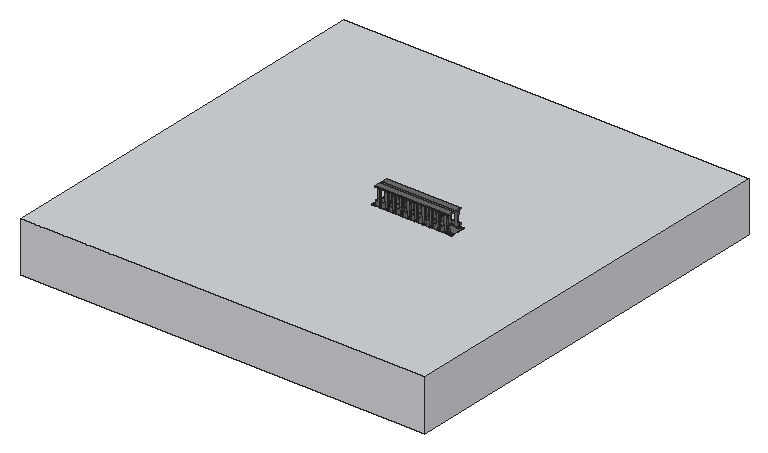
Revit family
Parameters (values of type "RS3-RWM-2")
  Weight = 1.00 lbf
  U/M = "EA"
  U Space = "2"
  System = "Racks, Cable Mgt & RouteIT"
  Serial Number = "RS3-RWM-2"
  Segment = "CSS"
  Ports = "0"
  Model = "RACK"
  Metal = none
  Manufacturer = "SIEMON"
  Loaded/Empty = "N/A"
  Item Group = "RACKS"
  Item Class = "1D"
  Description = "RS3 RACK MOUNT CABLE MANAGER  W/ COVER,BLACK,SINGLE SIDED,2RMS"
  Default Elevation = 4' - 0"
  Color = "Black"
Reference planes (in)
  plane 1 "Center (Front/Back)": y = 0
  plane 2: z = 0
  plane 3 "Center (Left/Right)": x = 0
Forms (in)
  Extrusion 1, solid
    sketch origin (0, 0, 0) x (1, 0, 0) y (0, 1, 0)
      loop
        line (-48, 48) -> (-48, -48) -> (48, -48) -> (48, 48) -> (-48, 48)
    from 0 to -12
Dimensions and locks (in)
  aligned and locked: plane 2 to Extrusion 1
  aligned and locked: level to Extrusion 1
Nested families (in)
  nested 1: "RS3-RWM-2[1]" at (9.7303, 0.80951, -1.64475) x (0, -1, 0) z (0, 0, 1), type "RS3-RWM-2[1]"
Definition of nested family "RS3-RWM-2[1]"
  Parameters (values of type "RS3-RWM-2[1]")
    Width = 0.48
    Weight = "1 kgs (2.1 lbs)"
    UL Rating = "UL 1863"
    U Space / Capacity = "2U"
    Text1 = Symbol
    Text = Text
    Part Number = "RS3-RWM-2"
    Material = Aluminum w/plastic fingers
    Manufacturer contact info/website = "www.siemon.com"
    Manufacturer = "Siemon"
    Height = 0.089
    Description = "Horizontal Cable Manager"
    Depth = 0.102
    Clearance = "89mm (3.5 in.) Front"
  Reference planes (in)
    plane 1: z = 1.68007
    plane 2: y = 0
    plane 3: y = 0
    plane 4: y = -1.42359
    plane 5: y = -1.42359
    plane 6: z = 1.73226
    plane 7: y = -0.55019
    plane 8: x = 2.33069
  Forms (in)
    Extrusion 1, solid, material "Aluminum w/plastic fingers" <- "Material"
      sketch origin (4.04837, -1.63546, 2.87634) x (0, 0, -1) y (-1, 0, 0)
        loop
          line (-2.97482, 3.4739) -> (-2.97482, 2.03729)
          arc (-2.97482, 2.03729) -> (-2.9726, 2.01256) -> (-2.96603, 1.98862) r 0.13916
          line (-2.96603, 1.98862) -> (-2.87816, 1.75327)
          arc (-2.87816, 1.75327) -> (-2.87522, 1.73695) -> (-2.87816, 1.72063) r 0.04667
          line (-2.87816, 1.72063) -> (-2.96603, 1.48528)
          arc (-2.96603, 1.48528) -> (-2.9726, 1.46134) -> (-2.97482, 1.43661) r 0.13916
          line (-2.97482, 1.43661) -> (-2.97482, 0) -> (-2.8747, 0) -> (-2.8747, 1.42648)
          arc (-2.8747, 1.42648) -> (-2.87319, 1.44339) -> (-2.86869, 1.45976) r 0.09514
          line (-2.86869, 1.45976) -> (-2.78338, 1.68828)
          arc (-2.78338, 1.68828) -> (-2.77459, 1.73695) -> (-2.78338, 1.78562) r 0.13916
          line (-2.78338, 1.78562) -> (-2.86872, 2.01421)
          arc (-2.86872, 2.01421) -> (-2.87319, 2.03051) -> (-2.8747, 2.04735) r 0.09477
          line (-2.8747, 2.04735) -> (-2.8747, 3.4739) -> (-2.97482, 3.4739)
      from -7.67199 to 9.84252
    Blend 2, solid, material "Aluminum w/plastic fingers" <- "Material"
      base sketch origin (18.86995, 5.37241, 1.70688) x (0, 1, 0) y (0.999657, 0, 0.026177)
        loop
          arc (-7.07514, -18.16629) -> (-6.796, -17.88715) -> (-6.51686, -18.16629) r 0.27914
          line (-6.51686, -18.16629) -> (-5.32317, -18.16629)
          arc (-5.32317, -18.16629) -> (-5.04403, -17.88715) -> (-4.76489, -18.16629) r 0.27914
          line (-4.76489, -18.16629) -> (-3.57121, -18.16629)
          arc (-3.57121, -18.16629) -> (-3.29206, -17.88715) -> (-3.01292, -18.16629) r 0.27914
          line (-3.01292, -18.16629) -> (-1.81924, -18.16629)
          arc (-1.81924, -18.16629) -> (-1.5401, -17.88715) -> (-1.26095, -18.16629) r 0.27914
          line (-1.26095, -18.16629) -> (-0.06727, -18.16629)
          arc (-0.06727, -18.16629) -> (0.21187, -17.88715) -> (0.49102, -18.16629) r 0.27914
          line (0.49102, -18.16629) -> (1.6847, -18.16629)
          arc (1.6847, -18.16629) -> (1.96384, -17.88715) -> (2.24298, -18.16629) r 0.27914
          line (2.24298, -18.16629) -> (2.83983, -18.16629) -> (2.83983, -18.07653) -> (2.32166, -18.07653)
          arc (2.32166, -18.07653) -> (1.96384, -17.79739) -> (1.60602, -18.07653) r 0.36891
          line (1.60602, -18.07653) -> (0.56969, -18.07653)
          arc (0.56969, -18.07653) -> (0.21187, -17.79739) -> (-0.14595, -18.07653) r 0.36891
          line (-0.14595, -18.07653) -> (-1.18228, -18.07653)
          arc (-1.18228, -18.07653) -> (-1.5401, -17.79739) -> (-1.89791, -18.07653) r 0.36891
          line (-1.89791, -18.07653) -> (-2.93424, -18.07653)
          arc (-2.93424, -18.07653) -> (-3.29206, -17.79739) -> (-3.64988, -18.07653) r 0.36891
          line (-3.64988, -18.07653) -> (-4.68621, -18.07653)
          arc (-4.68621, -18.07653) -> (-5.04403, -17.79739) -> (-5.40185, -18.07653) r 0.36891
          line (-5.40185, -18.07653) -> (-6.43818, -18.07653)
          arc (-6.43818, -18.07653) -> (-6.796, -17.79739) -> (-7.15382, -18.07653) r 0.36891
          line (-7.15382, -18.07653) -> (-8.19015, -18.07653)
          arc (-8.19015, -18.07653) -> (-8.54797, -17.79739) -> (-8.90579, -18.07653) r 0.36891
          line (-8.90579, -18.07653) -> (-9.94212, -18.07653)
          arc (-9.94212, -18.07653) -> (-10.29994, -17.79739) -> (-10.65776, -18.07653) r 0.36891
          line (-10.65776, -18.07653) -> (-11.69409, -18.07653)
          arc (-11.69409, -18.07653) -> (-12.05191, -17.79739) -> (-12.40973, -18.07653) r 0.36891
          line (-12.40973, -18.07653) -> (-13.44606, -18.07653)
          arc (-13.44606, -18.07653) -> (-13.80387, -17.79739) -> (-14.16169, -18.07653) r 0.36891
          line (-14.16169, -18.07653) -> (-14.67986, -18.07653) -> (-14.67986, -18.16629) -> (-14.08302, -18.16629)
          arc (-14.08302, -18.16629) -> (-13.80387, -17.88715) -> (-13.52473, -18.16629) r 0.27914
          line (-13.52473, -18.16629) -> (-12.33105, -18.16629)
          arc (-12.33105, -18.16629) -> (-12.05191, -17.88715) -> (-11.77276, -18.16629) r 0.27914
          line (-11.77276, -18.16629) -> (-10.57908, -18.16629)
          arc (-10.57908, -18.16629) -> (-10.29994, -17.88715) -> (-10.0208, -18.16629) r 0.27914
          line (-10.0208, -18.16629) -> (-8.82711, -18.16629)
          arc (-8.82711, -18.16629) -> (-8.54797, -17.88715) -> (-8.26883, -18.16629) r 0.27914
          line (-8.26883, -18.16629) -> (-7.07514, -18.16629)
      top sketch origin (18.86995, 5.37241, 1.70688) x (0, 1, 0) y (0.999657, 0, 0.026177)
        loop
          arc (-7.00762, -18.16629) -> (-6.796, -17.95468) -> (-6.58439, -18.16629) r 0.21161
          line (-6.58439, -18.16629) -> (-5.25565, -18.16629)
          arc (-5.25565, -18.16629) -> (-5.04403, -17.95468) -> (-4.83242, -18.16629) r 0.21161
          line (-4.83242, -18.16629) -> (-3.50368, -18.16629)
          arc (-3.50368, -18.16629) -> (-3.29206, -17.95468) -> (-3.08045, -18.16629) r 0.21161
          line (-3.08045, -18.16629) -> (-1.75171, -18.16629)
          arc (-1.75171, -18.16629) -> (-1.5401, -17.95468) -> (-1.32848, -18.16629) r 0.21161
          line (-1.32848, -18.16629) -> (0.00026, -18.16629)
          arc (0.00026, -18.16629) -> (0.21187, -17.95468) -> (0.42349, -18.16629) r 0.21161
          line (0.42349, -18.16629) -> (1.75223, -18.16629)
          arc (1.75223, -18.16629) -> (1.96384, -17.95468) -> (2.17546, -18.16629) r 0.21161
          line (2.17546, -18.16629) -> (2.83983, -18.16629) -> (2.83983, -18.07653) -> (2.32166, -18.07653)
          arc (2.32166, -18.07653) -> (1.96384, -17.79739) -> (1.60602, -18.07653) r 0.36891
          line (1.60602, -18.07653) -> (0.56969, -18.07653)
          arc (0.56969, -18.07653) -> (0.21187, -17.79739) -> (-0.14595, -18.07653) r 0.36891
          line (-0.14595, -18.07653) -> (-1.18228, -18.07653)
          arc (-1.18228, -18.07653) -> (-1.5401, -17.79739) -> (-1.89791, -18.07653) r 0.36891
          line (-1.89791, -18.07653) -> (-2.93424, -18.07653)
          arc (-2.93424, -18.07653) -> (-3.29206, -17.79739) -> (-3.64988, -18.07653) r 0.36891
          line (-3.64988, -18.07653) -> (-4.68621, -18.07653)
          arc (-4.68621, -18.07653) -> (-5.04403, -17.79739) -> (-5.40185, -18.07653) r 0.36891
          line (-5.40185, -18.07653) -> (-6.43818, -18.07653)
          arc (-6.43818, -18.07653) -> (-6.796, -17.79739) -> (-7.15382, -18.07653) r 0.36891
          line (-7.15382, -18.07653) -> (-8.19015, -18.07653)
          arc (-8.19015, -18.07653) -> (-8.54797, -17.79739) -> (-8.90579, -18.07653) r 0.36891
          line (-8.90579, -18.07653) -> (-9.94212, -18.07653)
          arc (-9.94212, -18.07653) -> (-10.29994, -17.79739) -> (-10.65776, -18.07653) r 0.36891
          line (-10.65776, -18.07653) -> (-11.69409, -18.07653)
          arc (-11.69409, -18.07653) -> (-12.05191, -17.79739) -> (-12.40973, -18.07653) r 0.36891
          line (-12.40973, -18.07653) -> (-13.44606, -18.07653)
          arc (-13.44606, -18.07653) -> (-13.80387, -17.79739) -> (-14.16169, -18.07653) r 0.36891
          line (-14.16169, -18.07653) -> (-14.67986, -18.07653) -> (-14.67986, -18.16629) -> (-14.01549, -18.16629)
          arc (-14.01549, -18.16629) -> (-13.80387, -17.95468) -> (-13.59226, -18.16629) r 0.21161
          line (-13.59226, -18.16629) -> (-12.26352, -18.16629)
          arc (-12.26352, -18.16629) -> (-12.05191, -17.95468) -> (-11.84029, -18.16629) r 0.21161
          line (-11.84029, -18.16629) -> (-10.51155, -18.16629)
          arc (-10.51155, -18.16629) -> (-10.29994, -17.95468) -> (-10.08832, -18.16629) r 0.21161
          line (-10.08832, -18.16629) -> (-8.75958, -18.16629)
          arc (-8.75958, -18.16629) -> (-8.54797, -17.95468) -> (-8.33636, -18.16629) r 0.21161
          line (-8.33636, -18.16629) -> (-7.00762, -18.16629)
      from -4.05861 to -0.36437
    Extrusion 3, void
      sketch origin (4.04837, -1.63546, 2.87634) x (0, 1, 0) y (0, 0, -1)
        loop
          line (5.83343, 0.11685) -> (5.83343, -2.32449)
          arc (5.83343, -2.32449) -> (5.86226, -2.39409) -> (5.93186, -2.42291) r 0.09843
          line (5.93186, -2.42291) -> (6.74738, -2.42291)
          arc (6.74738, -2.42291) -> (6.81698, -2.39409) -> (6.84581, -2.32449) r 0.09843
          line (6.84581, -2.32449) -> (6.84581, 0.11685)
          arc (6.84581, 0.11685) -> (6.81698, 0.18645) -> (6.74738, 0.21528) r 0.09843
          line (6.74738, 0.21528) -> (5.93186, 0.21528)
          arc (5.93186, 0.21528) -> (5.86226, 0.18645) -> (5.83343, 0.11685) r 0.09843
      from 2.95632 to 3.49886
    Extrusion 4, void
      sketch origin (4.04837, -3.38691, 2.87634) x (0, 1, 0) y (0, 0, -1)
        loop
          line (5.83343, 0.11685) -> (5.83343, -2.32449)
          arc (5.83343, -2.32449) -> (5.86226, -2.39409) -> (5.93186, -2.42291) r 0.09843
          line (5.93186, -2.42291) -> (6.74738, -2.42291)
          arc (6.74738, -2.42291) -> (6.81698, -2.39409) -> (6.84581, -2.32449) r 0.09843
          line (6.84581, -2.32449) -> (6.84581, 0.11685)
          arc (6.84581, 0.11685) -> (6.81698, 0.18645) -> (6.74738, 0.21528) r 0.09843
          line (6.74738, 0.21528) -> (5.93186, 0.21528)
          arc (5.93186, 0.21528) -> (5.86226, 0.18645) -> (5.83343, 0.11685) r 0.09843
      from 2.95632 to 3.49886
    Extrusion 5, void
      sketch origin (4.04837, -5.13836, 2.87634) x (0, 1, 0) y (0, 0, -1)
        loop
          line (5.83343, 0.11685) -> (5.83343, -2.32449)
          arc (5.83343, -2.32449) -> (5.86226, -2.39409) -> (5.93186, -2.42291) r 0.09843
          line (5.93186, -2.42291) -> (6.74738, -2.42291)
          arc (6.74738, -2.42291) -> (6.81698, -2.39409) -> (6.84581, -2.32449) r 0.09843
          line (6.84581, -2.32449) -> (6.84581, 0.11685)
          arc (6.84581, 0.11685) -> (6.81698, 0.18645) -> (6.74738, 0.21528) r 0.09843
          line (6.74738, 0.21528) -> (5.93186, 0.21528)
          arc (5.93186, 0.21528) -> (5.86226, 0.18645) -> (5.83343, 0.11685) r 0.09843
      from 2.95632 to 3.49886
    Extrusion 6, void
      sketch origin (4.04837, -6.88981, 2.87634) x (0, 1, 0) y (0, 0, -1)
        loop
          line (5.83343, 0.11685) -> (5.83343, -2.32449)
          arc (5.83343, -2.32449) -> (5.86226, -2.39409) -> (5.93186, -2.42291) r 0.09843
          line (5.93186, -2.42291) -> (6.74738, -2.42291)
          arc (6.74738, -2.42291) -> (6.81698, -2.39409) -> (6.84581, -2.32449) r 0.09843
          line (6.84581, -2.32449) -> (6.84581, 0.11685)
          arc (6.84581, 0.11685) -> (6.81698, 0.18645) -> (6.74738, 0.21528) r 0.09843
          line (6.74738, 0.21528) -> (5.93186, 0.21528)
          arc (5.93186, 0.21528) -> (5.86226, 0.18645) -> (5.83343, 0.11685) r 0.09843
      from 2.95632 to 3.49886
    Extrusion 7, void
      sketch origin (4.04837, -8.64126, 2.87634) x (0, 1, 0) y (0, 0, -1)
        loop
          line (5.83343, 0.11685) -> (5.83343, -2.32449)
          arc (5.83343, -2.32449) -> (5.86226, -2.39409) -> (5.93186, -2.42291) r 0.09843
          line (5.93186, -2.42291) -> (6.74738, -2.42291)
          arc (6.74738, -2.42291) -> (6.81698, -2.39409) -> (6.84581, -2.32449) r 0.09843
          line (6.84581, -2.32449) -> (6.84581, 0.11685)
          arc (6.84581, 0.11685) -> (6.81698, 0.18645) -> (6.74738, 0.21528) r 0.09843
          line (6.74738, 0.21528) -> (5.93186, 0.21528)
          arc (5.93186, 0.21528) -> (5.86226, 0.18645) -> (5.83343, 0.11685) r 0.09843
      from 2.95632 to 3.49886
    Extrusion 8, void
      sketch origin (4.04837, -10.39271, 2.87634) x (0, 1, 0) y (0, 0, -1)
        loop
          line (5.83343, 0.11685) -> (5.83343, -2.32449)
          arc (5.83343, -2.32449) -> (5.86226, -2.39409) -> (5.93186, -2.42291) r 0.09843
          line (5.93186, -2.42291) -> (6.74738, -2.42291)
          arc (6.74738, -2.42291) -> (6.81698, -2.39409) -> (6.84581, -2.32449) r 0.09843
          line (6.84581, -2.32449) -> (6.84581, 0.11685)
          arc (6.84581, 0.11685) -> (6.81698, 0.18645) -> (6.74738, 0.21528) r 0.09843
          line (6.74738, 0.21528) -> (5.93186, 0.21528)
          arc (5.93186, 0.21528) -> (5.86226, 0.18645) -> (5.83343, 0.11685) r 0.09843
      from 2.95632 to 3.49886
    Extrusion 9, void
      sketch origin (4.04837, -12.14416, 2.87634) x (0, 1, 0) y (0, 0, -1)
        loop
          line (5.83343, 0.11685) -> (5.83343, -2.32449)
          arc (5.83343, -2.32449) -> (5.86226, -2.39409) -> (5.93186, -2.42291) r 0.09843
          line (5.93186, -2.42291) -> (6.74738, -2.42291)
          arc (6.74738, -2.42291) -> (6.81698, -2.39409) -> (6.84581, -2.32449) r 0.09843
          line (6.84581, -2.32449) -> (6.84581, 0.11685)
          arc (6.84581, 0.11685) -> (6.81698, 0.18645) -> (6.74738, 0.21528) r 0.09843
          line (6.74738, 0.21528) -> (5.93186, 0.21528)
          arc (5.93186, 0.21528) -> (5.86226, 0.18645) -> (5.83343, 0.11685) r 0.09843
      from 2.95632 to 3.49886
    Extrusion 10, void
      sketch origin (4.04837, -13.89561, 2.87634) x (0, 1, 0) y (0, 0, -1)
        loop
          line (5.83343, 0.11685) -> (5.83343, -2.32449)
          arc (5.83343, -2.32449) -> (5.86226, -2.39409) -> (5.93186, -2.42291) r 0.09843
          line (5.93186, -2.42291) -> (6.74738, -2.42291)
          arc (6.74738, -2.42291) -> (6.81698, -2.39409) -> (6.84581, -2.32449) r 0.09843
          line (6.84581, -2.32449) -> (6.84581, 0.11685)
          arc (6.84581, 0.11685) -> (6.81698, 0.18645) -> (6.74738, 0.21528) r 0.09843
          line (6.74738, 0.21528) -> (5.93186, 0.21528)
          arc (5.93186, 0.21528) -> (5.86226, 0.18645) -> (5.83343, 0.11685) r 0.09843
      from 2.95632 to 3.49886
    Extrusion 11, void
      sketch origin (4.04837, -15.64707, 2.87634) x (0, 1, 0) y (0, 0, -1)
        loop
          line (5.83343, 0.11685) -> (5.83343, -2.32449)
          arc (5.83343, -2.32449) -> (5.86226, -2.39409) -> (5.93186, -2.42291) r 0.09843
          line (5.93186, -2.42291) -> (6.74738, -2.42291)
          arc (6.74738, -2.42291) -> (6.81698, -2.39409) -> (6.84581, -2.32449) r 0.09843
          line (6.84581, -2.32449) -> (6.84581, 0.11685)
          arc (6.84581, 0.11685) -> (6.81698, 0.18645) -> (6.74738, 0.21528) r 0.09843
          line (6.74738, 0.21528) -> (5.93186, 0.21528)
          arc (5.93186, 0.21528) -> (5.86226, 0.18645) -> (5.83343, 0.11685) r 0.09843
      from 2.95632 to 3.49886
    Extrusion 12, void
      sketch origin (4.04837, 0.11599, 2.87634) x (0, 1, 0) y (0, 0, -1)
        loop
          line (5.83343, 0.11685) -> (5.83343, -2.32449)
          arc (5.83343, -2.32449) -> (5.86226, -2.39409) -> (5.93186, -2.42291) r 0.09843
          line (5.93186, -2.42291) -> (6.74738, -2.42291)
          arc (6.74738, -2.42291) -> (6.81698, -2.39409) -> (6.84581, -2.32449) r 0.09843
          line (6.84581, -2.32449) -> (6.84581, 0.11685)
          arc (6.84581, 0.11685) -> (6.81698, 0.18645) -> (6.74738, 0.21528) r 0.09843
          line (6.74738, 0.21528) -> (5.93186, 0.21528)
          arc (5.93186, 0.21528) -> (5.86226, 0.18645) -> (5.83343, 0.11685) r 0.09843
      from 2.95632 to 3.49886
    Extrusion 13, void
      sketch origin (4.04837, 1.86744, 2.87634) x (0, 1, 0) y (0, 0, -1)
        loop
          line (5.83343, 0.11685) -> (5.83343, -2.32449)
          arc (5.83343, -2.32449) -> (5.86226, -2.39409) -> (5.93186, -2.42291) r 0.09843
          line (5.93186, -2.42291) -> (6.74738, -2.42291)
          arc (6.74738, -2.42291) -> (6.81698, -2.39409) -> (6.84581, -2.32449) r 0.09843
          line (6.84581, -2.32449) -> (6.84581, 0.11685)
          arc (6.84581, 0.11685) -> (6.81698, 0.18645) -> (6.74738, 0.21528) r 0.09843
          line (6.74738, 0.21528) -> (5.93186, 0.21528)
          arc (5.93186, 0.21528) -> (5.86226, 0.18645) -> (5.83343, 0.11685) r 0.09843
      from 2.95632 to 3.49886
    Extrusion 14, solid, material "Aluminum w/plastic fingers" <- "Material"
      sketch origin (6.66087, -1.63546, 4.81993) x (-0.026177, 0, -0.999657) y (-0.999657, 0, 0.026177)
        loop
          line (3.2793, 5.87932) -> (3.25623, 4.99864) -> (3.35631, 4.99601) -> (3.3778, 5.81666)
          arc (3.3778, 5.81666) -> (3.36133, 5.85958) -> (3.31933, 5.87828) r 0.06007
          line (3.31933, 5.87828) -> (3.2793, 5.87932)
      from -7.67199 to 9.8477
    Extrusion 15, solid, material "Aluminum w/plastic fingers"
      sketch origin (6.57704, -1.63546, 4.97495) x (0, 0, -1) y (-1, 0, 0)
        loop
          line (3.07142, 5.7045) -> (3.06421, 5.42929)
          arc (3.06421, 5.42929) -> (3.10807, 5.38307) -> (3.15428, 5.42693) r 0.04505
          line (3.15428, 5.42693) -> (3.16283, 5.7532)
          arc (3.16283, 5.7532) -> (3.17508, 5.78072) -> (3.20321, 5.79152) r 0.03937
          line (3.20321, 5.79152) -> (3.24743, 5.79036)
          arc (3.24743, 5.79036) -> (3.26807, 5.78117) -> (3.27617, 5.76007) r 0.02953
          line (3.27617, 5.76007) -> (3.2793, 5.87932) -> (2.98607, 5.887) -> (2.98371, 5.79693)
          arc (2.98371, 5.79693) -> (3.04671, 5.76888) -> (3.07142, 5.7045) r 0.0901
      from -7.67199 to 9.84252
    Extrusion 16, solid, material "Aluminum w/plastic fingers" <- "Material"
      sketch origin (4.23077, -1.63546, 2.6267) x (0, 1, 0) y (-0.989177, 0, 0.146726)
        loop
          arc (-6.03864, 2.74928) -> (-6.05018, 2.72145) -> (-6.07801, 2.70991) r 0.03937
          line (-6.07801, 2.70991) -> (-5.76305, 2.70991)
          arc (-5.76305, 2.70991) -> (-5.79089, 2.72145) -> (-5.80242, 2.74928) r 0.03937
          line (-5.80242, 2.74928) -> (-5.80242, 2.94613) -> (-6.03864, 2.94613) -> (-6.03864, 2.74928)
      from -1.44308 to -1.34325
    Extrusion 17, solid, material "Aluminum w/plastic fingers" <- "Material"
      sketch origin (4.23077, 1.86744, 2.6267) x (0, 1, 0) y (-0.989177, 0, 0.146726)
        loop
          arc (-6.03864, 2.74928) -> (-6.05018, 2.72145) -> (-6.07801, 2.70991) r 0.03937
          line (-6.07801, 2.70991) -> (-5.76305, 2.70991)
          arc (-5.76305, 2.70991) -> (-5.79089, 2.72145) -> (-5.80242, 2.74928) r 0.03937
          line (-5.80242, 2.74928) -> (-5.80242, 2.94613) -> (-6.03864, 2.94613) -> (-6.03864, 2.74928)
      from -1.44308 to -1.34325
    Extrusion 18, solid, material "Aluminum w/plastic fingers" <- "Material"
      sketch origin (4.23077, 8.87324, 2.6267) x (0, 1, 0) y (-0.989177, 0, 0.146726)
        loop
          arc (-6.03864, 2.74928) -> (-6.05018, 2.72145) -> (-6.07801, 2.70991) r 0.03937
          line (-6.07801, 2.70991) -> (-5.76305, 2.70991)
          arc (-5.76305, 2.70991) -> (-5.79089, 2.72145) -> (-5.80242, 2.74928) r 0.03937
          line (-5.80242, 2.74928) -> (-5.80242, 2.94613) -> (-6.03864, 2.94613) -> (-6.03864, 2.74928)
      from -1.44308 to -1.34325
    Extrusion 19, solid, material "Aluminum w/plastic fingers" <- "Material"
      sketch origin (4.04837, -14.43074, 2.87634) x (0, 0, -1) y (-1, 0, 0)
        loop
          arc (0.95931, 2.66043) -> (1.00317, 2.61421) -> (1.04949, 2.65807) r 0.04505
          line (1.04949, 2.65807) -> (1.05567, 2.89826)
          arc (1.05567, 2.89826) -> (1.00946, 2.8544) -> (0.9656, 2.90061) r 0.04505
          line (0.9656, 2.90061) -> (0.95931, 2.66043)
      from 5.69577 to 8.05734
    Extrusion 20, solid, material "Aluminum w/plastic fingers" <- "Material"
      sketch origin (4.04837, -3.79204, 2.87634) x (0, 0, -1) y (-1, 0, 0)
        loop
          arc (0.95931, 2.66043) -> (1.00317, 2.61421) -> (1.04949, 2.65807) r 0.04505
          line (1.04949, 2.65807) -> (1.05567, 2.89826)
          arc (1.05567, 2.89826) -> (1.00946, 2.8544) -> (0.9656, 2.90061) r 0.04505
          line (0.9656, 2.90061) -> (0.95931, 2.66043)
      from 0.31142 to 4.42444
    Blend 21, solid, material "Aluminum w/plastic fingers" <- "Material"
      base sketch origin (-14.23773, 5.37241, 1.70688) x (0, 1, 0) y (0.999657, 0, -0.026177)
        loop
          line (-7.07514, 18.16629) -> (-8.26883, 18.16629)
          arc (-8.26883, 18.16629) -> (-8.54797, 17.88715) -> (-8.82711, 18.16629) r 0.27914
          line (-8.82711, 18.16629) -> (-10.0208, 18.16629)
          arc (-10.0208, 18.16629) -> (-10.29994, 17.88715) -> (-10.57908, 18.16629) r 0.27914
          line (-10.57908, 18.16629) -> (-11.77276, 18.16629)
          arc (-11.77276, 18.16629) -> (-12.05191, 17.88715) -> (-12.33105, 18.16629) r 0.27914
          line (-12.33105, 18.16629) -> (-13.52473, 18.16629)
          arc (-13.52473, 18.16629) -> (-13.80387, 17.88715) -> (-14.08302, 18.16629) r 0.27914
          line (-14.08302, 18.16629) -> (-14.67986, 18.16629) -> (-14.67986, 18.07653) -> (-14.16169, 18.07653)
          arc (-14.16169, 18.07653) -> (-13.80387, 17.79739) -> (-13.44606, 18.07653) r 0.36891
          line (-13.44606, 18.07653) -> (-12.40973, 18.07653)
          arc (-12.40973, 18.07653) -> (-12.05191, 17.79739) -> (-11.69409, 18.07653) r 0.36891
          line (-11.69409, 18.07653) -> (-10.65776, 18.07653)
          arc (-10.65776, 18.07653) -> (-10.29994, 17.79739) -> (-9.94212, 18.07653) r 0.36891
          line (-9.94212, 18.07653) -> (-8.90579, 18.07653)
          arc (-8.90579, 18.07653) -> (-8.54797, 17.79739) -> (-8.19015, 18.07653) r 0.36891
          line (-8.19015, 18.07653) -> (-7.15382, 18.07653)
          arc (-7.15382, 18.07653) -> (-6.796, 17.79739) -> (-6.43818, 18.07653) r 0.36891
          line (-6.43818, 18.07653) -> (-5.40185, 18.07653)
          arc (-5.40185, 18.07653) -> (-5.04403, 17.79739) -> (-4.68621, 18.07653) r 0.36891
          line (-4.68621, 18.07653) -> (-3.64988, 18.07653)
          arc (-3.64988, 18.07653) -> (-3.29206, 17.79739) -> (-2.93424, 18.07653) r 0.36891
          line (-2.93424, 18.07653) -> (-1.89791, 18.07653)
          arc (-1.89791, 18.07653) -> (-1.5401, 17.79739) -> (-1.18228, 18.07653) r 0.36891
          line (-1.18228, 18.07653) -> (-0.14595, 18.07653)
          arc (-0.14595, 18.07653) -> (0.21187, 17.79739) -> (0.56969, 18.07653) r 0.36891
          line (0.56969, 18.07653) -> (1.60602, 18.07653)
          arc (1.60602, 18.07653) -> (1.96384, 17.79739) -> (2.32166, 18.07653) r 0.36891
          line (2.32166, 18.07653) -> (2.83983, 18.07653) -> (2.83983, 18.16629) -> (2.24298, 18.16629)
          arc (2.24298, 18.16629) -> (1.96384, 17.88715) -> (1.6847, 18.16629) r 0.27914
          line (1.6847, 18.16629) -> (0.49102, 18.16629)
          arc (0.49102, 18.16629) -> (0.21187, 17.88715) -> (-0.06727, 18.16629) r 0.27914
          line (-0.06727, 18.16629) -> (-1.26095, 18.16629)
          arc (-1.26095, 18.16629) -> (-1.5401, 17.88715) -> (-1.81924, 18.16629) r 0.27914
          line (-1.81924, 18.16629) -> (-3.01292, 18.16629)
          arc (-3.01292, 18.16629) -> (-3.29206, 17.88715) -> (-3.57121, 18.16629) r 0.27914
          line (-3.57121, 18.16629) -> (-4.76489, 18.16629)
          arc (-4.76489, 18.16629) -> (-5.04403, 17.88715) -> (-5.32317, 18.16629) r 0.27914
          line (-5.32317, 18.16629) -> (-6.51686, 18.16629)
          arc (-6.51686, 18.16629) -> (-6.796, 17.88715) -> (-7.07514, 18.16629) r 0.27914
      top sketch origin (-14.23773, 5.37241, 1.70688) x (0, 1, 0) y (0.999657, 0, -0.026177)
        loop
          line (-7.00762, 18.16629) -> (-8.33636, 18.16629)
          arc (-8.33636, 18.16629) -> (-8.54797, 17.95468) -> (-8.75958, 18.16629) r 0.21161
          line (-8.75958, 18.16629) -> (-10.08832, 18.16629)
          arc (-10.08832, 18.16629) -> (-10.29994, 17.95468) -> (-10.51155, 18.16629) r 0.21161
          line (-10.51155, 18.16629) -> (-11.84029, 18.16629)
          arc (-11.84029, 18.16629) -> (-12.05191, 17.95468) -> (-12.26352, 18.16629) r 0.21161
          line (-12.26352, 18.16629) -> (-13.59226, 18.16629)
          arc (-13.59226, 18.16629) -> (-13.80387, 17.95468) -> (-14.01549, 18.16629) r 0.21161
          line (-14.01549, 18.16629) -> (-14.67986, 18.16629) -> (-14.67986, 18.07653) -> (-14.16169, 18.07653)
          arc (-14.16169, 18.07653) -> (-13.80387, 17.79739) -> (-13.44606, 18.07653) r 0.36891
          line (-13.44606, 18.07653) -> (-12.40973, 18.07653)
          arc (-12.40973, 18.07653) -> (-12.05191, 17.79739) -> (-11.69409, 18.07653) r 0.36891
          line (-11.69409, 18.07653) -> (-10.65776, 18.07653)
          arc (-10.65776, 18.07653) -> (-10.29994, 17.79739) -> (-9.94212, 18.07653) r 0.36891
          line (-9.94212, 18.07653) -> (-8.90579, 18.07653)
          arc (-8.90579, 18.07653) -> (-8.54797, 17.79739) -> (-8.19015, 18.07653) r 0.36891
          line (-8.19015, 18.07653) -> (-7.15382, 18.07653)
          arc (-7.15382, 18.07653) -> (-6.796, 17.79739) -> (-6.43818, 18.07653) r 0.36891
          line (-6.43818, 18.07653) -> (-5.40185, 18.07653)
          arc (-5.40185, 18.07653) -> (-5.04403, 17.79739) -> (-4.68621, 18.07653) r 0.36891
          line (-4.68621, 18.07653) -> (-3.64988, 18.07653)
          arc (-3.64988, 18.07653) -> (-3.29206, 17.79739) -> (-2.93424, 18.07653) r 0.36891
          line (-2.93424, 18.07653) -> (-1.89791, 18.07653)
          arc (-1.89791, 18.07653) -> (-1.5401, 17.79739) -> (-1.18228, 18.07653) r 0.36891
          line (-1.18228, 18.07653) -> (-0.14595, 18.07653)
          arc (-0.14595, 18.07653) -> (0.21187, 17.79739) -> (0.56969, 18.07653) r 0.36891
          line (0.56969, 18.07653) -> (1.60602, 18.07653)
          arc (1.60602, 18.07653) -> (1.96384, 17.79739) -> (2.32166, 18.07653) r 0.36891
          line (2.32166, 18.07653) -> (2.83983, 18.07653) -> (2.83983, 18.16629) -> (2.17546, 18.16629)
          arc (2.17546, 18.16629) -> (1.96384, 17.95468) -> (1.75223, 18.16629) r 0.21161
          line (1.75223, 18.16629) -> (0.42349, 18.16629)
          arc (0.42349, 18.16629) -> (0.21187, 17.95468) -> (0.00026, 18.16629) r 0.21161
          line (0.00026, 18.16629) -> (-1.32848, 18.16629)
          arc (-1.32848, 18.16629) -> (-1.5401, 17.95468) -> (-1.75171, 18.16629) r 0.21161
          line (-1.75171, 18.16629) -> (-3.08045, 18.16629)
          arc (-3.08045, 18.16629) -> (-3.29206, 17.95468) -> (-3.50368, 18.16629) r 0.21161
          line (-3.50368, 18.16629) -> (-4.83242, 18.16629)
          arc (-4.83242, 18.16629) -> (-5.04403, 17.95468) -> (-5.25565, 18.16629) r 0.21161
          line (-5.25565, 18.16629) -> (-6.58439, 18.16629)
          arc (-6.58439, 18.16629) -> (-6.796, 17.95468) -> (-7.00762, 18.16629) r 0.21161
      from -4.05861 to -0.36437
    Extrusion 22, solid, material "Aluminum w/plastic fingers"
      sketch origin (-1.94483, -1.63546, 4.97495) x (0, 0, -1) y (-1, 0, 0)
        loop
          arc (3.07142, -5.7045) -> (3.04671, -5.76888) -> (2.98371, -5.79693) r 0.0901
          line (2.98371, -5.79693) -> (2.98607, -5.887) -> (3.2793, -5.87932) -> (3.27617, -5.76007)
          arc (3.27617, -5.76007) -> (3.26807, -5.78117) -> (3.24743, -5.79036) r 0.02953
          line (3.24743, -5.79036) -> (3.20321, -5.79152)
          arc (3.20321, -5.79152) -> (3.17508, -5.78072) -> (3.16283, -5.7532) r 0.03937
          line (3.16283, -5.7532) -> (3.15428, -5.42693)
          arc (3.15428, -5.42693) -> (3.10807, -5.38307) -> (3.06421, -5.42929) r 0.04505
          line (3.06421, -5.42929) -> (3.07142, -5.7045)
      from -7.67199 to 9.84252
    Extrusion 23, void
      sketch origin (0.74486, -1.63546, 3.07645) x (0, 1, 0) y (0, 0, 1)
        loop
          arc (5.83343, -0.11685) -> (5.86226, -0.18645) -> (5.93186, -0.21528) r 0.09843
          line (5.93186, -0.21528) -> (6.74738, -0.21528)
          arc (6.74738, -0.21528) -> (6.81698, -0.18645) -> (6.84581, -0.11685) r 0.09843
          line (6.84581, -0.11685) -> (6.84581, 2.32449)
          arc (6.84581, 2.32449) -> (6.81698, 2.39409) -> (6.74738, 2.42291) r 0.09843
          line (6.74738, 2.42291) -> (5.93186, 2.42291)
          arc (5.93186, 2.42291) -> (5.86226, 2.39409) -> (5.83343, 2.32449) r 0.09843
          line (5.83343, 2.32449) -> (5.83343, -0.11685)
      from 2.95632 to 3.49886
    Extrusion 24, void
      sketch origin (0.74486, -3.38691, 3.07645) x (0, 1, 0) y (0, 0, 1)
        loop
          arc (5.83343, -0.11685) -> (5.86226, -0.18645) -> (5.93186, -0.21528) r 0.09843
          line (5.93186, -0.21528) -> (6.74738, -0.21528)
          arc (6.74738, -0.21528) -> (6.81698, -0.18645) -> (6.84581, -0.11685) r 0.09843
          line (6.84581, -0.11685) -> (6.84581, 2.32449)
          arc (6.84581, 2.32449) -> (6.81698, 2.39409) -> (6.74738, 2.42291) r 0.09843
          line (6.74738, 2.42291) -> (5.93186, 2.42291)
          arc (5.93186, 2.42291) -> (5.86226, 2.39409) -> (5.83343, 2.32449) r 0.09843
          line (5.83343, 2.32449) -> (5.83343, -0.11685)
      from 2.95632 to 3.49886
    Extrusion 25, void
      sketch origin (0.74486, -5.13836, 3.07645) x (0, 1, 0) y (0, 0, 1)
        loop
          arc (5.83343, -0.11685) -> (5.86226, -0.18645) -> (5.93186, -0.21528) r 0.09843
          line (5.93186, -0.21528) -> (6.74738, -0.21528)
          arc (6.74738, -0.21528) -> (6.81698, -0.18645) -> (6.84581, -0.11685) r 0.09843
          line (6.84581, -0.11685) -> (6.84581, 2.32449)
          arc (6.84581, 2.32449) -> (6.81698, 2.39409) -> (6.74738, 2.42291) r 0.09843
          line (6.74738, 2.42291) -> (5.93186, 2.42291)
          arc (5.93186, 2.42291) -> (5.86226, 2.39409) -> (5.83343, 2.32449) r 0.09843
          line (5.83343, 2.32449) -> (5.83343, -0.11685)
      from 2.95632 to 3.49886
    Extrusion 26, void
      sketch origin (0.74486, -6.88981, 3.07645) x (0, 1, 0) y (0, 0, 1)
        loop
          arc (5.83343, -0.11685) -> (5.86226, -0.18645) -> (5.93186, -0.21528) r 0.09843
          line (5.93186, -0.21528) -> (6.74738, -0.21528)
          arc (6.74738, -0.21528) -> (6.81698, -0.18645) -> (6.84581, -0.11685) r 0.09843
          line (6.84581, -0.11685) -> (6.84581, 2.32449)
          arc (6.84581, 2.32449) -> (6.81698, 2.39409) -> (6.74738, 2.42291) r 0.09843
          line (6.74738, 2.42291) -> (5.93186, 2.42291)
          arc (5.93186, 2.42291) -> (5.86226, 2.39409) -> (5.83343, 2.32449) r 0.09843
          line (5.83343, 2.32449) -> (5.83343, -0.11685)
      from 2.95632 to 3.49886
    Extrusion 27, void
      sketch origin (0.74486, -8.64126, 3.07645) x (0, 1, 0) y (0, 0, 1)
        loop
          arc (5.83343, -0.11685) -> (5.86226, -0.18645) -> (5.93186, -0.21528) r 0.09843
          line (5.93186, -0.21528) -> (6.74738, -0.21528)
          arc (6.74738, -0.21528) -> (6.81698, -0.18645) -> (6.84581, -0.11685) r 0.09843
          line (6.84581, -0.11685) -> (6.84581, 2.32449)
          arc (6.84581, 2.32449) -> (6.81698, 2.39409) -> (6.74738, 2.42291) r 0.09843
          line (6.74738, 2.42291) -> (5.93186, 2.42291)
          arc (5.93186, 2.42291) -> (5.86226, 2.39409) -> (5.83343, 2.32449) r 0.09843
          line (5.83343, 2.32449) -> (5.83343, -0.11685)
      from 2.95632 to 3.49886
    Extrusion 28, void
      sketch origin (0.74486, -10.39271, 3.07645) x (0, 1, 0) y (0, 0, 1)
        loop
          arc (5.83343, -0.11685) -> (5.86226, -0.18645) -> (5.93186, -0.21528) r 0.09843
          line (5.93186, -0.21528) -> (6.74738, -0.21528)
          arc (6.74738, -0.21528) -> (6.81698, -0.18645) -> (6.84581, -0.11685) r 0.09843
          line (6.84581, -0.11685) -> (6.84581, 2.32449)
          arc (6.84581, 2.32449) -> (6.81698, 2.39409) -> (6.74738, 2.42291) r 0.09843
          line (6.74738, 2.42291) -> (5.93186, 2.42291)
          arc (5.93186, 2.42291) -> (5.86226, 2.39409) -> (5.83343, 2.32449) r 0.09843
          line (5.83343, 2.32449) -> (5.83343, -0.11685)
      from 2.95632 to 3.49886
    Extrusion 29, void
      sketch origin (0.74486, -12.14416, 3.07645) x (0, 1, 0) y (0, 0, 1)
        loop
          arc (5.83343, -0.11685) -> (5.86226, -0.18645) -> (5.93186, -0.21528) r 0.09843
          line (5.93186, -0.21528) -> (6.74738, -0.21528)
          arc (6.74738, -0.21528) -> (6.81698, -0.18645) -> (6.84581, -0.11685) r 0.09843
          line (6.84581, -0.11685) -> (6.84581, 2.32449)
          arc (6.84581, 2.32449) -> (6.81698, 2.39409) -> (6.74738, 2.42291) r 0.09843
          line (6.74738, 2.42291) -> (5.93186, 2.42291)
          arc (5.93186, 2.42291) -> (5.86226, 2.39409) -> (5.83343, 2.32449) r 0.09843
          line (5.83343, 2.32449) -> (5.83343, -0.11685)
      from 2.95632 to 3.49886
    Extrusion 30, void
      sketch origin (0.74486, -13.89561, 3.07645) x (0, 1, 0) y (0, 0, 1)
        loop
          arc (5.83343, -0.11685) -> (5.86226, -0.18645) -> (5.93186, -0.21528) r 0.09843
          line (5.93186, -0.21528) -> (6.74738, -0.21528)
          arc (6.74738, -0.21528) -> (6.81698, -0.18645) -> (6.84581, -0.11685) r 0.09843
          line (6.84581, -0.11685) -> (6.84581, 2.32449)
          arc (6.84581, 2.32449) -> (6.81698, 2.39409) -> (6.74738, 2.42291) r 0.09843
          line (6.74738, 2.42291) -> (5.93186, 2.42291)
          arc (5.93186, 2.42291) -> (5.86226, 2.39409) -> (5.83343, 2.32449) r 0.09843
          line (5.83343, 2.32449) -> (5.83343, -0.11685)
      from 2.95632 to 3.49886
    Extrusion 31, void
      sketch origin (0.74486, -15.64707, 3.07645) x (0, 1, 0) y (0, 0, 1)
        loop
          arc (5.83343, -0.11685) -> (5.86226, -0.18645) -> (5.93186, -0.21528) r 0.09843
          line (5.93186, -0.21528) -> (6.74738, -0.21528)
          arc (6.74738, -0.21528) -> (6.81698, -0.18645) -> (6.84581, -0.11685) r 0.09843
          line (6.84581, -0.11685) -> (6.84581, 2.32449)
          arc (6.84581, 2.32449) -> (6.81698, 2.39409) -> (6.74738, 2.42291) r 0.09843
          line (6.74738, 2.42291) -> (5.93186, 2.42291)
          arc (5.93186, 2.42291) -> (5.86226, 2.39409) -> (5.83343, 2.32449) r 0.09843
          line (5.83343, 2.32449) -> (5.83343, -0.11685)
      from 2.95632 to 3.49886
    Extrusion 32, void
      sketch origin (0.74486, 0.11599, 3.07645) x (0, 1, 0) y (0, 0, 1)
        loop
          arc (5.83343, -0.11685) -> (5.86226, -0.18645) -> (5.93186, -0.21528) r 0.09843
          line (5.93186, -0.21528) -> (6.74738, -0.21528)
          arc (6.74738, -0.21528) -> (6.81698, -0.18645) -> (6.84581, -0.11685) r 0.09843
          line (6.84581, -0.11685) -> (6.84581, 2.32449)
          arc (6.84581, 2.32449) -> (6.81698, 2.39409) -> (6.74738, 2.42291) r 0.09843
          line (6.74738, 2.42291) -> (5.93186, 2.42291)
          arc (5.93186, 2.42291) -> (5.86226, 2.39409) -> (5.83343, 2.32449) r 0.09843
          line (5.83343, 2.32449) -> (5.83343, -0.11685)
      from 2.95632 to 3.49886
    Extrusion 33, void
      sketch origin (0.74486, 1.86744, 3.07645) x (0, 1, 0) y (0, 0, 1)
        loop
          arc (5.83343, -0.11685) -> (5.86226, -0.18645) -> (5.93186, -0.21528) r 0.09843
          line (5.93186, -0.21528) -> (6.74738, -0.21528)
          arc (6.74738, -0.21528) -> (6.81698, -0.18645) -> (6.84581, -0.11685) r 0.09843
          line (6.84581, -0.11685) -> (6.84581, 2.32449)
          arc (6.84581, 2.32449) -> (6.81698, 2.39409) -> (6.74738, 2.42291) r 0.09843
          line (6.74738, 2.42291) -> (5.93186, 2.42291)
          arc (5.93186, 2.42291) -> (5.86226, 2.39409) -> (5.83343, 2.32449) r 0.09843
          line (5.83343, 2.32449) -> (5.83343, -0.11685)
      from 2.95632 to 3.49886
    Extrusion 34, solid, material "Aluminum w/plastic fingers" <- "Material"
      sketch origin (4.05146, -1.63546, 1.70529) x (0, 1, 0) y (-1, 0, 0)
        loop
          line (-8.42261, 3.41165) -> (-8.42261, 1.73535) -> (-8.42261, 0.05906)
          arc (-8.42261, 0.05906) -> (-8.40531, 0.0173) -> (-8.36355, 0) r 0.05906
          line (-8.36355, 0) -> (-7.79212, 0)
          arc (-7.79212, 0) -> (-7.74965, 0.01759) -> (-7.73205, 0.06007) r 0.06007
          line (-7.73205, 0.06007) -> (-7.73205, 0.35027) -> (-6.16305, 0.35027) -> (-6.16305, 0.20578) -> (-5.9599, 0.20578) -> (-5.9599, 0.46276) -> (-6.07801, 0.46276) -> (-6.07801, 0.79446) -> (-5.76305, 0.79446) -> (-5.76305, 0.46276) -> (-5.88116, 0.46276) -> (-5.88116, 0.20578) -> (-5.67802, 0.20578) -> (-5.67802, 0.35027) -> (-2.66015, 0.35027) -> (-2.66015, 0.20578) -> (-2.457, 0.20578) -> (-2.457, 0.46276) -> (-2.57511, 0.46276) -> (-2.57511, 0.79446) -> (-2.26015, 0.79446) -> (-2.26015, 0.46276) -> (-2.37826, 0.46276) -> (-2.37826, 0.20578) -> (-2.17512, 0.20578) -> (-2.17512, 0.35027) -> (4.34565, 0.35027) -> (4.34565, 0.20578) -> (4.5488, 0.20578) -> (4.5488, 0.46276) -> (4.43069, 0.46276) -> (4.43069, 0.79446) -> (4.74565, 0.79446) -> (4.74565, 0.46276) -> (4.62754, 0.46276) -> (4.62754, 0.20578) -> (4.83068, 0.20578) -> (4.83068, 0.35027) -> (7.84855, 0.35027) -> (7.84855, 0.20578) -> (8.0517, 0.20578) -> (8.0517, 0.46276) -> (7.93359, 0.46276) -> (7.93359, 0.79446) -> (8.24855, 0.79446) -> (8.24855, 0.46276) -> (8.13044, 0.46276) -> (8.13044, 0.20578) -> (8.33358, 0.20578) -> (8.33358, 0.35027) -> (9.90259, 0.35027) -> (9.90259, 0.03835)
          arc (9.90259, 0.03835) -> (9.92018, -0.00412) -> (9.96265, -0.02172) r 0.06007
          line (9.96265, -0.02172) -> (10.53409, -0.02172)
          arc (10.53409, -0.02172) -> (10.57584, -0.00442) -> (10.59314, 0.03734) r 0.05906
          line (10.59314, 0.03734) -> (10.59314, 1.73535) -> (10.59314, 3.43336)
          arc (10.59314, 3.43336) -> (10.57584, 3.47512) -> (10.53409, 3.49242) r 0.05906
          line (10.53409, 3.49242) -> (9.96265, 3.49242)
          arc (9.96265, 3.49242) -> (9.92018, 3.47483) -> (9.90259, 3.43235) r 0.06007
          line (9.90259, 3.43235) -> (9.90259, 3.12043) -> (8.33358, 3.12043) -> (8.33358, 3.26493) -> (8.13044, 3.26493) -> (8.13044, 3.00795) -> (8.24855, 3.00795) -> (8.24855, 2.67624) -> (7.93359, 2.67624) -> (7.93359, 3.00795) -> (8.0517, 3.00795) -> (8.0517, 3.26493) -> (7.84855, 3.26493) -> (7.84855, 3.12043) -> (4.83068, 3.12043) -> (4.83068, 3.26493) -> (4.62754, 3.26493) -> (4.62754, 3.00795) -> (4.74565, 3.00795) -> (4.74565, 2.67624) -> (4.43069, 2.67624) -> (4.43069, 3.00795) -> (4.5488, 3.00795) -> (4.5488, 3.26493) -> (4.34565, 3.26493) -> (4.34565, 3.12043) -> (-2.17512, 3.12043) -> (-2.17512, 3.26493) -> (-2.37826, 3.26493) -> (-2.37826, 3.00795) -> (-2.26015, 3.00795) -> (-2.26015, 2.67624) -> (-2.57511, 2.67624) -> (-2.57511, 3.00795) -> (-2.457, 3.00795) -> (-2.457, 3.26493) -> (-2.66015, 3.26493) -> (-2.66015, 3.12043) -> (-5.67802, 3.12043) -> (-5.67802, 3.26493) -> (-5.88116, 3.26493) -> (-5.88116, 3.00795) -> (-5.76305, 3.00795) -> (-5.76305, 2.67624) -> (-6.07801, 2.67624) -> (-6.07801, 3.00795) -> (-5.9599, 3.00795) -> (-5.9599, 3.26493) -> (-6.16305, 3.26493) -> (-6.16305, 3.12043) -> (-7.73205, 3.12043) -> (-7.73205, 3.41064)
          arc (-7.73205, 3.41064) -> (-7.74965, 3.45311) -> (-7.79212, 3.4707) r 0.06007
          line (-7.79212, 3.4707) -> (-8.36355, 3.4707)
          arc (-8.36355, 3.4707) -> (-8.40531, 3.45341) -> (-8.42261, 3.41165) r 0.05906
        loop
          arc (-8.15753, 3.37563) -> (-8.29764, 3.23552) -> (-8.15753, 3.09541) r 0.14011
          line (-8.15753, 3.09541) -> (-8.03139, 3.09541)
          arc (-8.03139, 3.09541) -> (-7.89128, 3.23552) -> (-8.03139, 3.37563) r 0.14011
          line (-8.03139, 3.37563) -> (-8.15753, 3.37563)
        loop
          line (10.32807, 3.37563) -> (10.20192, 3.37563)
          arc (10.20192, 3.37563) -> (10.06181, 3.23552) -> (10.20192, 3.09541) r 0.14011
          line (10.20192, 3.09541) -> (10.32807, 3.09541)
          arc (10.32807, 3.09541) -> (10.46817, 3.23552) -> (10.32807, 3.37563) r 0.14011
        loop
          line (-8.15753, 0.09507) -> (-8.03139, 0.09507)
          arc (-8.03139, 0.09507) -> (-7.89128, 0.23518) -> (-8.03139, 0.37529) r 0.14011
          line (-8.03139, 0.37529) -> (-8.15753, 0.37529)
          arc (-8.15753, 0.37529) -> (-8.29764, 0.23518) -> (-8.15753, 0.09507) r 0.14011
        loop
          arc (10.32807, 0.09507) -> (10.46817, 0.23518) -> (10.32807, 0.37529) r 0.14011
          line (10.32807, 0.37529) -> (10.20192, 0.37529)
          arc (10.20192, 0.37529) -> (10.06181, 0.23518) -> (10.20192, 0.09507) r 0.14011
          line (10.20192, 0.09507) -> (10.32807, 0.09507)
      from 0 to 0.1
  Cuts and joins
    Extrusion 3, Extrusion 4, Extrusion 5, Extrusion 6, Extrusion 7, Extrusion 8, Extrusion 9, Extrusion 10, Extrusion 11, Extrusion 12, Extrusion 13 cuts Blend 2
    joined: Blend 2, Extrusion 19
    Extrusion 23, Extrusion 24, Extrusion 25, Extrusion 26, Extrusion 27, Extrusion 28, Extrusion 29, Extrusion 30, Extrusion 31, Extrusion 32, Extrusion 33 cuts Blend 21
  Lines and regions (in)
    reference lines
      curve 1: line (-8.11024, 0, 4.00695) -> (-8.11024, 0, -0.91431)
      curve 2: line (10.27559, 0, 4.00695) -> (10.27559, 0, -0.91431)
      curve 3: line (11.65354, 0, 1.68007) -> (-9.2126, 0, 1.68007)
      curve 4: line (0.80951, 9.13821, 1.64475) -> (0.80951, -10.54683, 1.64475)
      curve 5: line (3.81267, 9.18118, 1.64475) -> (3.81267, -10.54683, 1.64475)
      curve 6: line (0.4574, -9.7303, 1.64475) -> (4.19755, -9.7303, 1.64475)
      curve 7: line (0.43239, 8.63192, 1.64475) -> (4.17255, 8.63192, 1.64475)
